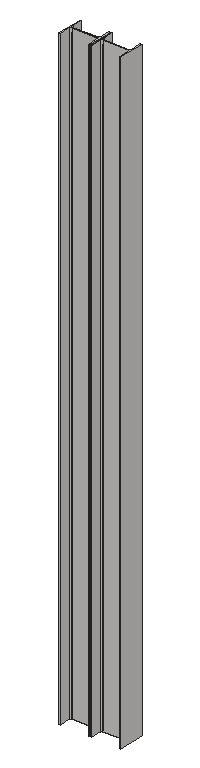
Revit family "Pilar_Aco_Dup_Esq", category Structural Columns, Revit 2025
Family settings
  Section Shape = Not Defined
  Material for Model Behavior = Other
  Always export as geometry = No
  Beam cutback in plan = From bounding box
  OmniClass Number = 23.25.30.11.14.11
  OmniClass Title = Columns
  Cut with Voids When Loaded = No
  Symbolic Representation = From Family
  Shared = No
  Show family pre-cut in plan views = Yes
Parameters
  Structural Material [instance] = Aço, 45-345
  Depth = 500 mm
  Width = 500 mm
Reference planes
  plane 1 "Center (Front/Back)": y = 0
  plane 2: z = 0
  plane 3 "Center (Left/Right)": x = 0
Dimensions and locks
  aligned and locked: level to plane 2
  aligned and locked: level to nested 1  (x3)
  aligned and locked: nested 1 to level
  aligned and locked: level to nested 2  (x3)
  aligned and locked: nested 2 to level
  aligned and locked: plane 3 "Center (Left/Right)" to nested 2
  aligned and locked: nested 1 to nested 2
Nested families
  nested 1: "Pilares W Gerdau" at (-301.5, 0, 0) x (0, 1, 0) z (0, 0, 1), Structural Material <- "Structural Material", type "W610X217"
    with pm 217, Structural Material Aço, 45-345, pt 868000 mm, compr 4000 mm, Comprimento 4000 mm
  nested 2: "Pilares W Gerdau" at (-100.5, 0, 0) x (0, 1, 0) z (0, 0, 1), Structural Material <- "Structural Material", type "W610X217"
    with pm 217, Structural Material Aço, 45-345, pt 868000 mm, compr 4000 mm, Comprimento 4000 mm
Definition of nested family "Pilares W Gerdau"
  Parameters (values of type "W200X35.9")
    tipo = "200x35.9"
    tip_secao = "W"
    tag = ""
    pt [instance] = compr * pm  # 89750 mm
    pm [instance] = Peso Nominal  # 35.9
    nome = "W200x35.9"
    material = "AÇO ASTM A572 - GR50"
    compr [instance] = Comprimento  # 2500 mm
    Peso Nominal = 35.9
    Width = 165 mm
    Web Thickness = 6.22 mm
    Web Fillet = 10 mm
    Warping Constant = 0.0000868 (stored number, unit not read)
    Torsional Moment of Inertia = 14.40 cm⁴
    Structural Material [instance] = none
    Comprimento [instance] = 2500 mm
    Section Name Key = "W8x24"
    Section Area = 45.7 cm²
    Plastic Modulus weak axis = 140.0 cm³
    Plastic Modulus strong axis = 379.0 cm³
    Perimeter = 3.3793 (stored number, unit not read)
    Nominal Weight = 35.8999 kgf/m
    Moment of Inertia weak axis = 762.00 cm⁴
    Moment of Inertia strong axis = 3440.00 cm⁴
    Height = 201 mm
    Flange Thickness = 10.2 mm
    Elastic Modulus weak axis = 92.3 cm³
    Elastic Modulus strong axis = 342.0 cm³
    Centroid Vertical = Height / 2  # 10.05 cm
    Centroid Horizontal = Width / 2  # 8.25 cm
    Assembly Code = ""
  Types (102, lengths in mm): name | tipo | pt | pm | nome | Peso Nominal | Width | Web Thickness | Web Fillet | Warping Constant | Torsional Moment of Inertia | Section Name Key | Section Area | Plastic Modulus weak axis | Plastic Modulus strong axis | Perimeter | Nominal Weight | Moment of Inertia weak axis | Moment of Inertia strong axis | Height | Flange Thickness | Elastic Modulus weak axis | Elastic Modulus strong axis | Centroid Vertical | Centroid Horizontal
    W200X35.9 | "200x35.9" | 89750 | 35.9 | "W200x35.9" | 35.9 | 165 | 6.22 | 10 | 0.0000868 (stored number, unit not read) | 14.40 cm⁴ | "W8x24" | 45.7 cm² | 140.0 cm³ | 379.0 cm³ | 3.3793 (stored number, unit not read) | 35.8999 kgf/m | 762.00 cm⁴ | 3440.00 cm⁴ | 201 | 10.2 | 92.3 cm³ | 342.0 cm³ | 10.05 cm | 8.25 cm
    W610X82 | "610x82" | 205000 | 82 | "W610x82" | 82 | 178 | 10 | 12.9 | 0.001297 (stored number, unit not read) | 49.10 cm⁴ | "W24x55" | 105.0 cm² | 218.0 cm³ | 2200.0 cm³ | 6.1352 (stored number, unit not read) | 81.9997 kgf/m | 1210.00 cm⁴ | 56200.00 cm⁴ | 599 | 12.8 | 136.0 cm³ | 1870.0 cm³ | 29.95 cm | 8.9 cm
    W610X92 | "610x92" | 230000 | 92 | "W610x92" | 92 | 179 | 10.9 | 12.7 | 0.0015464 (stored number, unit not read) | 71.20 cm⁴ | "W24x62" | 117.0 cm² | 257.0 cm³ | 2510.0 cm³ | 6.1352 (stored number, unit not read) | 91.9997 kgf/m | 1440.00 cm⁴ | 64500.00 cm⁴ | 602 | 15 | 161.0 cm³ | 2150.0 cm³ | 30.1 cm | 8.95 cm
    W610X101 | "610x101" | 252500 | 101 | "W610x101" | 101 | 228 | 10.5 | 12.8 | 0.0031552 (stored number, unit not read) | 77.80 cm⁴ | "W24x68" | 130.0 cm² | 401.0 cm³ | 2900.0 cm³ | 6.7913 (stored number, unit not read) | 101.00 kgf/m | 2930.00 cm⁴ | 76200.00 cm⁴ | 602 | 14.9 | 257.0 cm³ | 2520.0 cm³ | 30.1 cm | 11.4 cm
    W610X113 | "610x113" | 282500 | 113 | "W610x113" | 113 | 228 | 11.2 | 12.7 | 0.0037164 (stored number, unit not read) | 112.00 cm⁴ | "W24x76" | 145.0 cm² | 469.0 cm³ | 3280.0 cm³ | 6.8241 (stored number, unit not read) | 113.00 kgf/m | 3430.00 cm⁴ | 87400.00 cm⁴ | 607 | 17.3 | 302.0 cm³ | 2880.0 cm³ | 30.35 cm | 11.4 cm
    W610X125 | "610x125" | 312500 | 125 | "W610x125" | 125 | 229 | 11.9 | 12.7 | 0.0042901 (stored number, unit not read) | 154.00 cm⁴ | "W24x84" | 159.0 cm² | 534.0 cm³ | 3670.0 cm³ | 6.8898 (stored number, unit not read) | 125.00 kgf/m | 3930.00 cm⁴ | 98600.00 cm⁴ | 612 | 19.6 | 342.0 cm³ | 3210.0 cm³ | 30.6 cm | 11.45 cm
    W610X140 | "610x140" | 350000 | 140 | "W610x140" | 140 | 230 | 13.1 | 12.9 | 0.0050259 (stored number, unit not read) | 219.00 cm⁴ | "W24x94" | 179.0 cm² | 615.0 cm³ | 4160.0 cm³ | 6.9226 (stored number, unit not read) | 139.999 kgf/m | 4540.00 cm⁴ | 112000.00 cm⁴ | 617 | 22.2 | 393.0 cm³ | 3640.0 cm³ | 30.85 cm | 11.5 cm
    W610X153 | "610x153" | 382500 | 153 | "W610x153" | 153 | 229 | 14 | 12.7 | 0.0055622 (stored number, unit not read) | 294.00 cm⁴ | "W24x103" | 195.0 cm² | 680.0 cm³ | 4590.0 cm³ | 6.9226 (stored number, unit not read) | 152.999 kgf/m | 4950.00 cm⁴ | 125000.00 cm⁴ | 622 | 24.9 | 434.0 cm³ | 4010.0 cm³ | 31.1 cm | 11.45 cm
    W610X155 | "610x155" | 387500 | 155 | "W610x155" | 155 | 325 | 12.7 | 12.7 | 0.011785 (stored number, unit not read) | 196.00 cm⁴ | "W24x104" | 198.0 cm² | 1020.0 cm³ | 4740.0 cm³ | 8.1365 (stored number, unit not read) | 154.999 kgf/m | 10800.00 cm⁴ | 129000.00 cm⁴ | 612 | 19.1 | 667.0 cm³ | 4230.0 cm³ | 30.6 cm | 16.25 cm
    W610X174 | "610x174" | 435000 | 174 | "W610x174" | 174 | 325 | 14 | 12.7 | 0.013718 (stored number, unit not read) | 280.00 cm⁴ | "W24x117" | 222.0 cm² | 1170.0 cm³ | 5360.0 cm³ | 8.1365 (stored number, unit not read) | 173.999 kgf/m | 12400.00 cm⁴ | 147000.00 cm⁴ | 617 | 21.6 | 762.0 cm³ | 4770.0 cm³ | 30.85 cm | 16.25 cm
    W610X195 | "610x195" | 487500 | 195 | "W610x195" | 195 | 328 | 15.4 | 12.7 | 0.015714 (stored number, unit not read) | 395.00 cm⁴ | "W24x131" | 249.0 cm² | 1340.0 cm³ | 6060.0 cm³ | 8.2021 (stored number, unit not read) | 194.999 kgf/m | 14200.00 cm⁴ | 167000.00 cm⁴ | 622 | 24.4 | 869.0 cm³ | 5390.0 cm³ | 31.1 cm | 16.4 cm
    W610X217 | "610x217" | 542500 | 217 | "W610x217" | 217 | 328 | 16.5 | 12.7 | 0.018333 (stored number, unit not read) | 558.00 cm⁴ | "W24x146" | 277.0 cm² | 1530.0 cm³ | 6850.0 cm³ | 8.2349 (stored number, unit not read) | 216.999 kgf/m | 16300.00 cm⁴ | 191000.00 cm⁴ | 627 | 27.7 | 991.0 cm³ | 6080.0 cm³ | 31.35 cm | 16.4 cm
    W530X66 | "530x66" | 165000 | 66 | "W530x66" | 66 | 165 | 8.89 | 12.7 | 0.00070712 (stored number, unit not read) | 32.00 cm⁴ | "W21x44" | 83.9 cm² | 167.0 cm³ | 1560.0 cm³ | 5.479 (stored number, unit not read) | 65.9998 kgf/m | 862.00 cm⁴ | 35100.00 cm⁴ | 526 | 11.4 | 104.0 cm³ | 1340.0 cm³ | 26.3 cm | 8.25 cm
    W530X72 | "530x72" | 180000 | 72 | "W530x72" | 72 | 207 | 8.89 | 12.7 | 0.001322 (stored number, unit not read) | 33.40 cm⁴ | "W21x48" | 91.0 cm² | 244.0 cm³ | 1750.0 cm³ | 6.0039 (stored number, unit not read) | 71.9997 kgf/m | 1610.00 cm⁴ | 39900.00 cm⁴ | 523 | 10.9 | 156.0 cm³ | 1520.0 cm³ | 26.15 cm | 10.35 cm
    W530X74 | "530x74" | 185000 | 74 | "W530x74" | 74 | 166 | 9.65 | 12.8 | 0.00086052 (stored number, unit not read) | 47.50 cm⁴ | "W21x50" | 94.8 cm² | 200.0 cm³ | 1800.0 cm³ | 5.5118 (stored number, unit not read) | 73.9997 kgf/m | 1040.00 cm⁴ | 41000.00 cm⁴ | 528 | 13.6 | 125.0 cm³ | 1550.0 cm³ | 26.4 cm | 8.3 cm
    W530X82 | "530x82" | 205000 | 82 | "W530x82" | 82 | 209 | 9.53 | 12.6 | 0.0016711 (stored number, unit not read) | 51.60 cm⁴ | "W21x55" | 105.0 cm² | 302.0 cm³ | 2060.0 cm³ | 6.0696 (stored number, unit not read) | 81.9997 kgf/m | 2010.00 cm⁴ | 47500.00 cm⁴ | 528 | 13.3 | 193.0 cm³ | 1800.0 cm³ | 26.4 cm | 10.45 cm
    W530X85 | "530x85" | 212500 | 85 | "W530x85" | 85 | 167 | 10.3 | 12.7 | 0.0010688 (stored number, unit not read) | 73.70 cm⁴ | "W21x57" | 108.0 cm² | 243.0 cm³ | 2110.0 cm³ | 5.5774 (stored number, unit not read) | 84.9997 kgf/m | 1270.00 cm⁴ | 48700.00 cm⁴ | 536 | 16.5 | 153.0 cm³ | 1820.0 cm³ | 26.8 cm | 8.35 cm
    W530X92 | "530x92" | 230000 | 92 | "W530x92" | 92 | 209 | 10.2 | 12.8 | 0.0019954 (stored number, unit not read) | 76.20 cm⁴ | "W21x62" | 118.0 cm² | 356.0 cm³ | 2360.0 cm³ | 6.1024 (stored number, unit not read) | 91.9997 kgf/m | 2390.00 cm⁴ | 55400.00 cm⁴ | 533 | 15.6 | 229.0 cm³ | 2080.0 cm³ | 26.65 cm | 10.45 cm
    W530X101 | "530x101" | 252500 | 101 | "W530x101" | 101 | 210 | 10.9 | 12.8 | 0.0022698 (stored number, unit not read) | 102.00 cm⁴ | "W21x68" | 129.0 cm² | 400.0 cm³ | 2620.0 cm³ | 6.1352 (stored number, unit not read) | 101.00 kgf/m | 2690.00 cm⁴ | 61600.00 cm⁴ | 536 | 17.4 | 257.0 cm³ | 2290.0 cm³ | 26.8 cm | 10.5 cm
    W530X109 | "530x109" | 272500 | 109 | "W530x109" | 109 | 211 | 11.6 | 12.7 | 0.0024818 (stored number, unit not read) | 126.00 cm⁴ | "W21x73" | 139.0 cm² | 436.0 cm³ | 2820.0 cm³ | 6.1352 (stored number, unit not read) | 109.00 kgf/m | 2940.00 cm⁴ | 66600.00 cm⁴ | 538 | 18.8 | 279.0 cm³ | 2470.0 cm³ | 26.9 cm | 10.55 cm
    W530X123 | "530x123" | 307500 | 123 | "W530x123" | 123 | 212 | 13.1 | 12.8 | 0.0028933 (stored number, unit not read) | 181.00 cm⁴ | "W21x83" | 157.0 cm² | 500.0 cm³ | 3210.0 cm³ | 6.2008 (stored number, unit not read) | 123.00 kgf/m | 3390.00 cm⁴ | 76200.00 cm⁴ | 544 | 21.2 | 320.0 cm³ | 2800.0 cm³ | 27.2 cm | 10.6 cm
    W530X138 | "530x138" | 345000 | 138 | "W530x138" | 138 | 214 | 14.7 | 12.7 | 0.0033298 (stored number, unit not read) | 251.00 cm⁴ | "W21x93" | 176.0 cm² | 569.0 cm³ | 3620.0 cm³ | 6.2336 (stored number, unit not read) | 137.999 kgf/m | 3870.00 cm⁴ | 86200.00 cm⁴ | 549 | 23.6 | 362.0 cm³ | 3150.0 cm³ | 27.45 cm | 10.7 cm
    W460X52 | "460x52" | 130000 | 52 | "W460x52" | 52 | 152 | 7.62 | 10.2 | 0.00038162 (stored number, unit not read) | 21.10 cm⁴ | "W18x35" | 66.5 cm² | 132.0 cm³ | 1090.0 cm³ | 4.8556 (stored number, unit not read) | 51.9998 kgf/m | 637.00 cm⁴ | 21200.00 cm⁴ | 450 | 10.8 | 83.9 cm³ | 944.0 cm³ | 22.5 cm | 7.6 cm
    W460X60 | "460x60" | 150000 | 60 | "W460x60" | 60 | 153 | 8 | 10.2 | 0.00048264 (stored number, unit not read) | 33.70 cm⁴ | "W18x40" | 76.1 cm² | 164.0 cm³ | 1280.0 cm³ | 4.8885 (stored number, unit not read) | 59.9998 kgf/m | 795.00 cm⁴ | 25500.00 cm⁴ | 455 | 13.3 | 104.0 cm³ | 1120.0 cm³ | 22.75 cm | 7.65 cm
    W460X68 | "460x68" | 170000 | 68 | "W460x68" | 68 | 154 | 9.14 | 10.3 | 0.00057617 (stored number, unit not read) | 50.80 cm⁴ | "W18x46" | 87.1 cm² | 192.0 cm³ | 1490.0 cm³ | 4.9213 (stored number, unit not read) | 67.9997 kgf/m | 937.00 cm⁴ | 29600.00 cm⁴ | 460 | 15.4 | 122.0 cm³ | 1290.0 cm³ | 23.0 cm | 7.7 cm
    W460X74 | "460x74" | 185000 | 74 | "W460x74" | 74 | 191 | 9.02 | 10.2 | 0.0010177 (stored number, unit not read) | 51.60 cm⁴ | "W18x50" | 94.8 cm² | 272.0 cm³ | 1660.0 cm³ | 5.3806 (stored number, unit not read) | 73.9997 kgf/m | 1670.00 cm⁴ | 33300.00 cm⁴ | 457 | 14.5 | 175.0 cm³ | 1460.0 cm³ | 22.85 cm | 9.55 cm
    W460X82 | "460x82" | 205000 | 82 | "W460x82" | 82 | 191 | 9.91 | 10.2 | 0.0011486 (stored number, unit not read) | 69.10 cm⁴ | "W18x55" | 105.0 cm² | 303.0 cm³ | 1840.0 cm³ | 5.4134 (stored number, unit not read) | 81.9997 kgf/m | 1870.00 cm⁴ | 37000.00 cm⁴ | 460 | 16 | 195.0 cm³ | 1610.0 cm³ | 23.0 cm | 9.55 cm
    W460X89 | "460x89" | 222500 | 89 | "W460x89" | 89 | 192 | 10.5 | 10.2 | 0.0012845 (stored number, unit not read) | 90.30 cm⁴ | "W18x60" | 114.0 cm² | 338.0 cm³ | 2020.0 cm³ | 5.4134 (stored number, unit not read) | 88.9997 kgf/m | 2090.00 cm⁴ | 41000.00 cm⁴ | 462 | 17.7 | 218.0 cm³ | 1770.0 cm³ | 23.1 cm | 9.6 cm
    W460X97 | "460x97" | 242500 | 97 | "W460x97" | 97 | 193 | 11.4 | 10.1 | 0.0014217 (stored number, unit not read) | 114.00 cm⁴ | "W18x65" | 123.0 cm² | 369.0 cm³ | 2180.0 cm³ | 5.479 (stored number, unit not read) | 96.9996 kgf/m | 2280.00 cm⁴ | 44500.00 cm⁴ | 467 | 19.1 | 236.0 cm³ | 1920.0 cm³ | 23.35 cm | 9.65 cm
    W460X106 | "460x106" | 265000 | 106 | "W460x106" | 106 | 194 | 12.6 | 10.1 | 0.0015714 (stored number, unit not read) | 145.00 cm⁴ | "W18x71" | 135.0 cm² | 405.0 cm³ | 2390.0 cm³ | 5.479 (stored number, unit not read) | 106.00 kgf/m | 2510.00 cm⁴ | 48700.00 cm⁴ | 470 | 20.6 | 259.0 cm³ | 2080.0 cm³ | 23.5 cm | 9.7 cm
    W410X38.8 | "410x38.8" | 97000 | 38.8 | "W410x38.8" | 38.8 | 140 | 6.35 | 10.24 | 0.00018956 (stored number, unit not read) | 10.90 cm⁴ | "W16x26" | 49.5 cm² | 89.8 cm³ | 724.0 cm³ | 4.3635 (stored number, unit not read) | 38.7999 kgf/m | 399.00 cm⁴ | 12500.00 cm⁴ | 399 | 8.76 | 57.2 cm³ | 629.0 cm³ | 19.95 cm | 7.0 cm
    W410X46.1 | "410x46.1" | 115250 | 46.1 | "W410x46.1" | 46.1 | 140 | 6.99 | 10.2 | 0.00024693 (stored number, unit not read) | 19.20 cm⁴ | "W16x31" | 58.9 cm² | 115.0 cm³ | 885.0 cm³ | 4.3963 (stored number, unit not read) | 46.0998 kgf/m | 516.00 cm⁴ | 15600.00 cm⁴ | 404 | 11.2 | 73.6 cm³ | 773.0 cm³ | 20.2 cm | 7.0 cm
    W410X53 | "410x53" | 132500 | 53 | "W410x53" | 53 | 178 | 7.49 | 10.2 | 0.00048887 (stored number, unit not read) | 22.70 cm⁴ | "W16x36" | 68.4 cm² | 177.0 cm³ | 1050.0 cm³ | 4.8885 (stored number, unit not read) | 52.9998 kgf/m | 1020.00 cm⁴ | 18600.00 cm⁴ | 404 | 10.9 | 115.0 cm³ | 926.0 cm³ | 20.2 cm | 8.9 cm
    W410X60 | "410x60" | 150000 | 60 | "W410x60" | 60 | 178 | 7.75 | 10.2 | 0.00057991 (stored number, unit not read) | 33.00 cm⁴ | "W16x40" | 76.1 cm² | 208.0 cm³ | 1200.0 cm³ | 4.8885 (stored number, unit not read) | 59.9998 kgf/m | 1200.00 cm⁴ | 21600.00 cm⁴ | 406 | 12.8 | 135.0 cm³ | 1060.0 cm³ | 20.3 cm | 8.9 cm
    W410X67 | "410x67" | 167500 | 67 | "W410x67" | 67 | 179 | 8.76 | 10.2 | 0.00066597 (stored number, unit not read) | 46.20 cm⁴ | "W16x45" | 85.8 cm² | 238.0 cm³ | 1350.0 cm³ | 4.9213 (stored number, unit not read) | 66.9998 kgf/m | 1370.00 cm⁴ | 24400.00 cm⁴ | 409 | 14.4 | 153.0 cm³ | 1190.0 cm³ | 20.45 cm | 8.95 cm
    W410X75 | "410x75" | 187500 | 75 | "W410x75" | 75 | 180 | 9.65 | 10.2 | 0.00076075 (stored number, unit not read) | 63.30 cm⁴ | "W16x50" | 94.8 cm² | 267.0 cm³ | 1510.0 cm³ | 4.9541 (stored number, unit not read) | 74.9997 kgf/m | 1550.00 cm⁴ | 27400.00 cm⁴ | 414 | 16 | 172.0 cm³ | 1330.0 cm³ | 20.7 cm | 9.0 cm
    W410X85 | "410x85" | 212500 | 85 | "W410x85" | 85 | 181 | 10.9 | 10.2 | 0.00089045 (stored number, unit not read) | 92.40 cm⁴ | "W16x57" | 108.0 cm² | 310.0 cm³ | 1720.0 cm³ | 4.9869 (stored number, unit not read) | 84.9997 kgf/m | 1790.00 cm⁴ | 31600.00 cm⁴ | 417 | 18.2 | 198.0 cm³ | 1510.0 cm³ | 20.85 cm | 9.05 cm
    W360X32.9 | "360x32.9" | 82250 | 32.9 | "W360x32.9" | 32.9 | 127 | 5.84 | 10.19 | 0.00010513 (stored number, unit not read) | 8.66 cm⁴ | "W14x22" | 41.9 cm² | 71.9 cm³ | 544.0 cm³ | 3.8714 (stored number, unit not read) | 32.8999 kgf/m | 291.00 cm⁴ | 8280.00 cm⁴ | 348 | 8.51 | 45.9 cm³ | 475.0 cm³ | 17.4 cm | 6.35 cm
    W360X39 | "360x39" | 97500 | 39 | "W360x39" | 39 | 128 | 6.48 | 10.1 | 0.00013594 (stored number, unit not read) | 14.90 cm⁴ | "W14x26" | 49.6 cm² | 90.8 cm³ | 659.0 cm³ | 3.9042 (stored number, unit not read) | 38.9999 kgf/m | 371.00 cm⁴ | 10200.00 cm⁴ | 353 | 10.7 | 58.2 cm³ | 578.0 cm³ | 17.65 cm | 6.4 cm
    W360X44 | "360x44" | 110000 | 44 | "W360x44" | 44 | 171 | 6.86 | 10.12 | 0.00026439 (stored number, unit not read) | 24.30 cm⁴ | "W14x30" | 57.1 cm² | 147.0 cm³ | 775.0 cm³ | 4.4291 (stored number, unit not read) | 43.9998 kgf/m | 1520.00 cm⁴ | 7120.00 cm⁴ | 351 | 11 | 151.0 cm³ | 574.0 cm³ | 17.55 cm | 8.55 cm
    W360X51 | "360x51" | 127500 | 51 | "W360x51" | 51 | 171 | 7.24 | 10.1 | 0.00035793 (stored number, unit not read) | 23.70 cm⁴ | "W14x34" | 64.5 cm² | 174.0 cm³ | 895.0 cm³ | 4.4619 (stored number, unit not read) | 50.9998 kgf/m | 970.00 cm⁴ | 14200.00 cm⁴ | 356 | 11.6 | 113.0 cm³ | 796.0 cm³ | 17.8 cm | 8.55 cm
    W360X57.8 | "360x57.8" | 144500 | 57.8 | "W360x57.8" | 57.8 | 172 | 7.87 | 10.1 | 0.00041155 (stored number, unit not read) | 33.20 cm⁴ | "W14x38" | 72.3 cm² | 198.0 cm³ | 1010.0 cm³ | 4.4948 (stored number, unit not read) | 57.7998 kgf/m | 1110.00 cm⁴ | 16000.00 cm⁴ | 358 | 13.1 | 129.0 cm³ | 895.0 cm³ | 17.9 cm | 8.6 cm
    W360X64 | "360x64" | 160000 | 64 | "W360x64" | 64 | 203 | 7.75 | 14.9 | 0.00065349 (stored number, unit not read) | 43.70 cm⁴ | "W14x43" | 81.3 cm² | 283.0 cm³ | 1140.0 cm³ | 4.8228 (stored number, unit not read) | 63.9998 kgf/m | 1880.00 cm⁴ | 17800.00 cm⁴ | 348 | 13.5 | 185.0 cm³ | 1030.0 cm³ | 17.4 cm | 10.15 cm
    W360X72 | "360x72" | 180000 | 72 | "W360x72" | 72 | 204 | 8.64 | 15.1 | 0.00075077 (stored number, unit not read) | 60.40 cm⁴ | "W14x48" | 91.0 cm² | 321.0 cm³ | 1280.0 cm³ | 4.8228 (stored number, unit not read) | 71.9997 kgf/m | 2140.00 cm⁴ | 20100.00 cm⁴ | 351 | 15.1 | 210.0 cm³ | 1150.0 cm³ | 17.55 cm | 10.2 cm
    W360X79 | "360x79" | 197500 | 79 | "W360x79" | 79 | 205 | 9.4 | 15 | 0.00085054 (stored number, unit not read) | 80.70 cm⁴ | "W14x53" | 101.0 cm² | 361.0 cm³ | 1430.0 cm³ | 4.8556 (stored number, unit not read) | 78.9997 kgf/m | 2400.00 cm⁴ | 22500.00 cm⁴ | 353 | 16.8 | 234.0 cm³ | 1270.0 cm³ | 17.65 cm | 10.25 cm
    W360X91 | "360x91" | 227500 | 91 | "W360x91" | 91 | 254 | 9.53 | 15.1 | 0.0015714 (stored number, unit not read) | 91.20 cm⁴ | "W14x61" | 115.0 cm² | 537.0 cm³ | 1670.0 cm³ | 5.5118 (stored number, unit not read) | 90.9997 kgf/m | 4450.00 cm⁴ | 26600.00 cm⁴ | 353 | 16.4 | 352.0 cm³ | 1510.0 cm³ | 17.65 cm | 12.7 cm
    W360X101 | "360x101" | 252500 | 101 | "W360x101" | 101 | 254 | 10.5 | 15 | 0.0017959 (stored number, unit not read) | 125.00 cm⁴ | "W14x68" | 129.0 cm² | 605.0 cm³ | 1880.0 cm³ | 5.5118 (stored number, unit not read) | 101.00 kgf/m | 5040.00 cm⁴ | 30100.00 cm⁴ | 356 | 18.3 | 397.0 cm³ | 1690.0 cm³ | 17.8 cm | 12.7 cm
    W360X110 | "360x110" | 275000 | 110 | "W360x110" | 110 | 257 | 11.4 | 15.2 | 0.0020079 (stored number, unit not read) | 161.00 cm⁴ | "W14x74" | 141.0 cm² | 664.0 cm³ | 2060.0 cm³ | 5.5774 (stored number, unit not read) | 110.00 kgf/m | 5580.00 cm⁴ | 33100.00 cm⁴ | 361 | 19.9 | 436.0 cm³ | 1840.0 cm³ | 18.05 cm | 12.85 cm
    W360X122 | "360x122" | 305000 | 122 | "W360x122" | 122 | 257 | 13 | 15.1 | 0.0022448 (stored number, unit not read) | 211.00 cm⁴ | "W14x82" | 155.0 cm² | 734.0 cm³ | 2280.0 cm³ | 5.5774 (stored number, unit not read) | 122.00 kgf/m | 6160.00 cm⁴ | 36700.00 cm⁴ | 363 | 21.7 | 480.0 cm³ | 2020.0 cm³ | 18.15 cm | 12.85 cm
    W310X21 | "310x21" | 52500 | 21 | "W310x21" | 21 | 101 | 5.08 | 7.58 | 0.000026938 (stored number, unit not read) | 2.93 cm⁴ | "W12x14" | 26.8 cm² | 31.1 cm³ | 285.0 cm³ | 3.2349 (stored number, unit not read) | 20.9999 kgf/m | 98.20 cm⁴ | 3690.00 cm⁴ | 302 | 5.72 | 19.5 cm³ | 244.0 cm³ | 15.1 cm | 5.05 cm
    W310X23.8 | "310x23.8" | 59500 | 23.8 | "W310x23.8" | 23.8 | 101 | 5.59 | 7.67 | 0.000032425 (stored number, unit not read) | 4.29 cm⁴ | "W12x16" | 30.4 cm² | 37.0 cm³ | 329.0 cm³ | 3.2513 (stored number, unit not read) | 23.7999 kgf/m | 117.00 cm⁴ | 4290.00 cm⁴ | 305 | 6.73 | 23.1 cm³ | 280.0 cm³ | 15.25 cm | 5.05 cm
    W310X28.3 | "310x28.3" | 70750 | 28.3 | "W310x28.3" | 28.3 | 102 | 5.97 | 7.61 | 0.000043899 (stored number, unit not read) | 7.49 cm⁴ | "W12x19" | 35.9 cm² | 48.8 cm³ | 405.0 cm³ | 3.2808 (stored number, unit not read) | 28.2999 kgf/m | 157.00 cm⁴ | 5410.00 cm⁴ | 310 | 8.89 | 30.8 cm³ | 349.0 cm³ | 15.5 cm | 5.1 cm
    W310X32.7 | "W310x32.7" | 81750 | 32.7 | "W310x32.7" | 32.7 | 102 | 6.6 | 7.6 | 0.000054874 (stored number, unit not read) | 12.20 cm⁴ | "W12x22" | 41.8 cm² | 60.0 cm³ | 480.0 cm³ | 3.3136 (stored number, unit not read) | 32.6999 kgf/m | 194.00 cm⁴ | 6490.00 cm⁴ | 312 | 10.8 | 37.9 cm³ | 416.0 cm³ | 15.6 cm | 5.1 cm
    W310X38.7 | "310x38.7" | 96750 | 38.7 | "W310x38.7" | 38.7 | 165 | 5.84 | 7.65 | 0.00020328 (stored number, unit not read) | 12.50 cm⁴ | "W12x26" | 49.4 cm² | 134.0 cm³ | 610.0 cm³ | 4.101 (stored number, unit not read) | 38.6999 kgf/m | 720.00 cm⁴ | 8490.00 cm⁴ | 310 | 9.65 | 87.5 cm³ | 547.0 cm³ | 15.5 cm | 8.25 cm
    W310X44.5 | "310x44.5" | 111250 | 44.5 | "W310x44.5" | 44.5 | 166 | 6.6 | 7.6 | 0.0002407 (stored number, unit not read) | 19.00 cm⁴ | "W12x30" | 56.7 cm² | 157.0 cm³ | 706.0 cm³ | 4.1339 (stored number, unit not read) | 44.4998 kgf/m | 845.00 cm⁴ | 9910.00 cm⁴ | 312 | 11.2 | 102.0 cm³ | 633.0 cm³ | 15.6 cm | 8.3 cm
    W310X52 | "310x52" | 130000 | 52 | "W310x52" | 52 | 167 | 7.62 | 7.6 | 0.00029432 (stored number, unit not read) | 30.80 cm⁴ | "W12x35" | 66.5 cm² | 188.0 cm³ | 839.0 cm³ | 4.1667 (stored number, unit not read) | 51.9998 kgf/m | 1020.00 cm⁴ | 11900.00 cm⁴ | 318 | 13.2 | 122.0 cm³ | 747.0 cm³ | 15.9 cm | 8.35 cm
    W310X60* | "310x60*" | 150000 | 60 | "W310x60*" | 60 | 203 | 7.5 | 6.35 | 0.000000479 (stored number, unit not read) | 40.46 cm⁴ | "W12x40" | 0.761 cm² | 275.4 cm³ | 944.3 cm³ | 4.5276 (stored number, unit not read) | 59.9998 kgf/m | 1829.00 cm⁴ | 12908.00 cm⁴ | 303 | 13.1 | 180.2 cm³ | 852.0 cm³ | 15.15 cm | 10.15 cm
    W310X67* | "310x67*" | 167500 | 67 | "W310x67*" | 67 | 204 | 8.5 | 6.35 | 0.000000547 (stored number, unit not read) | 55.35 cm⁴ | "W12x45" | 0.853 cm² | 310.5 cm³ | 1060.4 cm³ | 4.5276 (stored number, unit not read) | 66.9998 kgf/m | 2069.00 cm⁴ | 14559.00 cm⁴ | 306 | 14.6 | 202.8 cm³ | 951.5 cm³ | 15.3 cm | 10.2 cm
    W310X74* | "310x74" | 185000 | 74 | "W310x74*" | 74 | 205 | 9.4 | 6.35 | 0.000000629 (stored number, unit not read) | 75.51 cm⁴ | "W12x50" | 0.951 cm² | 350.5 cm³ | 1192.0 cm³ | 4.5604 (stored number, unit not read) | 73.9997 kgf/m | 2344.00 cm⁴ | 16501.00 cm⁴ | 310 | 16.3 | 228.7 cm³ | 1064.6 cm³ | 15.5 cm | 10.25 cm
    W310X79 | "310x79" | 197500 | 79 | "W310x79" | 79 | 254 | 8.76 | 15.4 | 0.0010588 (stored number, unit not read) | 65.80 cm⁴ | "W12x53" | 101.0 cm² | 477.0 cm³ | 1280.0 cm³ | 5.2165 (stored number, unit not read) | 78.9997 kgf/m | 3990.00 cm⁴ | 17700.00 cm⁴ | 307 | 14.6 | 315.0 cm³ | 1160.0 cm³ | 15.35 cm | 12.7 cm
    W310X97 | "310x97" | 242500 | 97 | "W310x97" | 97 | 305 | 9.91 | 15.1 | 0.001933 (stored number, unit not read) | 90.70 cm⁴ | "W12x65" | 123.0 cm² | 723.0 cm³ | 1590.0 cm³ | 5.8727 (stored number, unit not read) | 96.9996 kgf/m | 7240.00 cm⁴ | 22200.00 cm⁴ | 307 | 15.4 | 477.0 cm³ | 1440.0 cm³ | 15.35 cm | 15.25 cm
    W310X107 | "310x107" | 267500 | 107 | "W310x107" | 107 | 305 | 10.9 | 15.3 | 0.0021949 (stored number, unit not read) | 122.00 cm⁴ | "W12x72" | 136.0 cm² | 806.0 cm³ | 1770.0 cm³ | 5.9055 (stored number, unit not read) | 107.00 kgf/m | 8120.00 cm⁴ | 24800.00 cm⁴ | 312 | 17 | 531.0 cm³ | 1600.0 cm³ | 15.6 cm | 15.25 cm
    W310X117 | "310x117" | 292500 | 117 | "W310x117" | 117 | 307 | 11.9 | 15.1 | 0.0024568 (stored number, unit not read) | 160.00 cm⁴ | "W12x79" | 150.0 cm² | 890.0 cm³ | 1950.0 cm³ | 5.9383 (stored number, unit not read) | 117.00 kgf/m | 8990.00 cm⁴ | 27600.00 cm⁴ | 315 | 18.7 | 587.0 cm³ | 1750.0 cm³ | 15.75 cm | 15.35 cm
    W310X129 | "310x129" | 322500 | 129 | "W310x129" | 129 | 307 | 13.1 | 15.2 | 0.0027686 (stored number, unit not read) | 212.00 cm⁴ | "W12x87" | 165.0 cm² | 990.0 cm³ | 2160.0 cm³ | 5.9383 (stored number, unit not read) | 129.00 kgf/m | 10000.00 cm⁴ | 30800.00 cm⁴ | 318 | 20.6 | 651.0 cm³ | 1930.0 cm³ | 15.9 cm | 15.35 cm
    W310X143 | "310x143" | 357500 | 143 | "W310x143" | 143 | 310 | 14 | 15.2 | 0.0031552 (stored number, unit not read) | 285.00 cm⁴ | "W12x96" | 182.0 cm² | 1110.0 cm³ | 2410.0 cm³ | 6.0039 (stored number, unit not read) | 142.999 kgf/m | 11200.00 cm⁴ | 34700.00 cm⁴ | 323 | 22.9 | 728.0 cm³ | 2150.0 cm³ | 16.15 cm | 15.5 cm
    W310X158 | "310x158" | 395000 | 158 | "W310x158" | 158 | 310 | 15.5 | 15.3 | 0.0035793 (stored number, unit not read) | 380.00 cm⁴ | "W12x106" | 201.0 cm² | 1230.0 cm³ | 2690.0 cm³ | 6.0367 (stored number, unit not read) | 157.999 kgf/m | 12500.00 cm⁴ | 38800.00 cm⁴ | 328 | 25.1 | 808.0 cm³ | 2380.0 cm³ | 16.4 cm | 15.5 cm
    W310X179 | "310x179" | 447500 | 179 | "W310x179" | 179 | 312 | 18 | 15 | 0.0041529 (stored number, unit not read) | 537.00 cm⁴ | "W12x120" | 227.0 cm² | 1400.0 cm³ | 3050.0 cm³ | 6.0696 (stored number, unit not read) | 178.999 kgf/m | 14400.00 cm⁴ | 44500.00 cm⁴ | 333 | 28.2 | 918.0 cm³ | 2670.0 cm³ | 16.65 cm | 15.6 cm
    W310X202 | "310x202" | 505000 | 202 | "W310x202" | 202 | 315 | 20.1 | 15.2 | 0.0049261 (stored number, unit not read) | 770.00 cm⁴ | "W12x136" | 257.0 cm² | 1610.0 cm³ | 3510.0 cm³ | 6.1352 (stored number, unit not read) | 201.999 kgf/m | 16600.00 cm⁴ | 51600.00 cm⁴ | 340 | 31.8 | 1050.0 cm³ | 3050.0 cm³ | 17.0 cm | 15.75 cm
    W250X17.9 | "250x17.9" | 44750 | 17.9 | "W250x17.9" | 17.9 | 101 | 4.83 | 7.67 | 0.000017086 (stored number, unit not read) | 2.28 cm⁴ | "W10x12" | 22.8 cm² | 28.5 cm³ | 206.0 cm³ | 2.8904 (stored number, unit not read) | 17.8999 kgf/m | 90.70 cm⁴ | 2240.00 cm⁴ | 251 | 5.33 | 18.0 cm³ | 179.0 cm³ | 12.55 cm | 5.05 cm
    W250X22.3 | "250x22.3" | 55750 | 22.3 | "W250x22.3" | 22.3 | 102 | 5.84 | 7.64 | 0.000022822 (stored number, unit not read) | 4.33 cm⁴ | "W10x15" | 28.5 cm² | 37.7 cm³ | 262.0 cm³ | 2.9167 (stored number, unit not read) | 22.2999 kgf/m | 120.00 cm⁴ | 2870.00 cm⁴ | 254 | 6.86 | 23.8 cm³ | 226.0 cm³ | 12.7 cm | 5.1 cm
    W250X25.3 | "250x25.3" | 130750 | 52.3 | "W250x25.3" | 52.3 | 102 | 6.1 | 7.62 | 0.000028559 (stored number, unit not read) | 6.49 cm⁴ | "W10x17" | 32.2 cm² | 45.9 cm³ | 306.0 cm³ | 2.9331 (stored number, unit not read) | 25.2999 kgf/m | 148.00 cm⁴ | 3410.00 cm⁴ | 257 | 8.38 | 29.2 cm³ | 265.0 cm³ | 12.85 cm | 5.1 cm
    W250X28.4 | "250x28.4" | 71000 | 28.4 | "W250x28.4" | 28.4 | 102 | 6.35 | 7.7 | 0.000034795 (stored number, unit not read) | 9.70 cm⁴ | "W10x19" | 36.3 cm² | 54.9 cm³ | 354.0 cm³ | 2.9593 (stored number, unit not read) | 28.3999 kgf/m | 179.00 cm⁴ | 4010.00 cm⁴ | 259 | 10 | 35.1 cm³ | 308.0 cm³ | 12.95 cm | 5.1 cm
    W250X32.7 | "250x32.7" | 81750 | 32.7 | "W250x32.7" | 32.7 | 146 | 6.1 | 7.66 | 0.000092038 (stored number, unit not read) | 9.95 cm⁴ | "W10x22" | 41.9 cm² | 100.0 cm³ | 426.0 cm³ | 3.5433 (stored number, unit not read) | 32.6999 kgf/m | 475.00 cm⁴ | 4910.00 cm⁴ | 259 | 9.14 | 65.1 cm³ | 380.0 cm³ | 12.95 cm | 7.3 cm
    W250X38.5 | "250x38.5" | 96250 | 38.5 | "W250x38.5" | 38.5 | 147 | 6.6 | 7.6 | 0.00011548 (stored number, unit not read) | 16.70 cm⁴ | "W10x26" | 49.1 cm² | 123.0 cm³ | 513.0 cm³ | 3.5433 (stored number, unit not read) | 38.4999 kgf/m | 587.00 cm⁴ | 5990.00 cm⁴ | 262 | 11.2 | 80.1 cm³ | 457.0 cm³ | 13.1 cm | 7.35 cm
    W250X44.8 | "250x44.8" | 112000 | 44.8 | "W250x44.8" | 44.8 | 148 | 7.62 | 7.6 | 0.00013843 (stored number, unit not read) | 25.90 cm⁴ | "W10x30" | 57.0 cm² | 145.0 cm³ | 600.0 cm³ | 3.5761 (stored number, unit not read) | 44.7998 kgf/m | 695.00 cm⁴ | 7080.00 cm⁴ | 267 | 13 | 94.2 cm³ | 531.0 cm³ | 13.35 cm | 7.4 cm
    W250X73 | "250x73" | 182500 | 73 | "W250x73" | 73 | 254 | 8.64 | 12.7 | 0.0006934 (stored number, unit not read) | 57.90 cm⁴ | "W10x49" | 92.9 cm² | 464.0 cm³ | 990.0 cm³ | 4.8885 (stored number, unit not read) | 72.9997 kgf/m | 3890.00 cm⁴ | 11300.00 cm⁴ | 254 | 14.2 | 306.0 cm³ | 895.0 cm³ | 12.7 cm | 12.7 cm
    W250X80 | "250x80" | 200000 | 80 | "W250x80" | 80 | 254 | 9.4 | 12.8 | 0.00077696 (stored number, unit not read) | 75.80 cm⁴ | "W10x54" | 102.0 cm² | 513.0 cm³ | 1090.0 cm³ | 4.8885 (stored number, unit not read) | 79.9997 kgf/m | 4290.00 cm⁴ | 12600.00 cm⁴ | 257 | 15.6 | 338.0 cm³ | 983.0 cm³ | 12.85 cm | 12.7 cm
    W250X89 | "250x89" | 222500 | 89 | "W250x89" | 89 | 257 | 10.7 | 12.7 | 0.00088421 (stored number, unit not read) | 103.00 cm⁴ | "W10x60" | 114.0 cm² | 574.0 cm³ | 1220.0 cm³ | 4.9213 (stored number, unit not read) | 88.9997 kgf/m | 4830.00 cm⁴ | 14200.00 cm⁴ | 259 | 17.3 | 377.0 cm³ | 1090.0 cm³ | 12.95 cm | 12.85 cm
    W250X101 | "250x101" | 252500 | 101 | "W250x101" | 101 | 257 | 11.9 | 12.7 | 0.0010376 (stored number, unit not read) | 148.00 cm⁴ | "W10x68" | 128.0 cm² | 657.0 cm³ | 1400.0 cm³ | 4.9541 (stored number, unit not read) | 101.00 kgf/m | 5580.00 cm⁴ | 16400.00 cm⁴ | 264 | 19.6 | 433.0 cm³ | 1240.0 cm³ | 13.2 cm | 12.85 cm
    W250X115 | "250x115" | 287500 | 115 | "W250x115" | 115 | 259 | 13.5 | 12.7 | 0.0012159 (stored number, unit not read) | 213.00 cm⁴ | "W10x77" | 146.0 cm² | 752.0 cm³ | 1600.0 cm³ | 5.0197 (stored number, unit not read) | 115.00 kgf/m | 6410.00 cm⁴ | 18900.00 cm⁴ | 269 | 22.1 | 493.0 cm³ | 1410.0 cm³ | 13.45 cm | 12.95 cm
    W250X131 | "250x131" | 327500 | 131 | "W250x131" | 131 | 262 | 15.4 | 12.7 | 0.0014467 (stored number, unit not read) | 313.00 cm⁴ | "W10x88" | 168.0 cm² | 870.0 cm³ | 1850.0 cm³ | 5.0525 (stored number, unit not read) | 131.00 kgf/m | 7450.00 cm⁴ | 22200.00 cm⁴ | 274 | 25.1 | 570.0 cm³ | 1610.0 cm³ | 13.7 cm | 13.1 cm
    W250X149 | "250x149" | 372500 | 149 | "W250x149" | 149 | 262 | 17.3 | 12.7 | 0.001721 (stored number, unit not read) | 454.00 cm⁴ | "W10x100" | 189.0 cm² | 1000.0 cm³ | 2130.0 cm³ | 5.0853 (stored number, unit not read) | 148.999 kgf/m | 8620.00 cm⁴ | 25900.00 cm⁴ | 282 | 28.4 | 655.0 cm³ | 1840.0 cm³ | 14.1 cm | 13.1 cm
    W250X167 | "250x167" | 417500 | 167 | "W250x167" | 167 | 264 | 19.2 | 12.7 | 0.0020203 (stored number, unit not read) | 629.00 cm⁴ | "W10x112" | 212.0 cm² | 1130.0 cm³ | 2410.0 cm³ | 5.1509 (stored number, unit not read) | 166.999 kgf/m | 9820.00 cm⁴ | 29800.00 cm⁴ | 290 | 31.8 | 742.0 cm³ | 2060.0 cm³ | 14.5 cm | 13.2 cm
    W200X15 | "200x15" | 37500 | 15 | "W200x15" | 15 | 100 | 4.32 | 7.59 | 0.000010351 (stored number, unit not read) | 1.77 cm⁴ | "W8x10" | 19.1 cm² | 27.2 cm³ | 145.0 cm³ | 2.5591 (stored number, unit not read) | 14.9999 kgf/m | 87.00 cm⁴ | 1280.00 cm⁴ | 200 | 5.21 | 17.4 cm³ | 128.0 cm³ | 10.0 cm | 5.0 cm
    W200X19.3 | "200x19.3" | 48250 | 19.3 | "W200x19.3" | 19.3 | 102 | 5.84 | 7.62 | 0.000013718 (stored number, unit not read) | 3.63 cm⁴ | "W8x13" | 24.8 cm² | 35.2 cm³ | 187.0 cm³ | 2.582 (stored number, unit not read) | 19.2999 kgf/m | 114.00 cm⁴ | 1650.00 cm⁴ | 203 | 6.48 | 22.5 cm³ | 162.0 cm³ | 10.15 cm | 5.1 cm
    W200X22.5 | "200x22.5" | 56250 | 22.5 | "W200x22.5" | 22.5 | 102 | 6.22 | 7.6 | 0.000017335 (stored number, unit not read) | 5.70 cm⁴ | "W8x15" | 28.6 cm² | 43.8 cm³ | 223.0 cm³ | 2.6083 (stored number, unit not read) | 22.4999 kgf/m | 142.00 cm⁴ | 2000.00 cm⁴ | 206 | 8 | 27.9 cm³ | 193.0 cm³ | 10.3 cm | 5.1 cm
    W200X26.6 | "200x26.6" | 66500 | 26.6 | "W200x26.6" | 26.6 | 133 | 5.84 | 7.62 | 0.000040906 (stored number, unit not read) | 7.16 cm⁴ | "W8x18" | 33.9 cm² | 76.4 cm³ | 279.0 cm³ | 3.0249 (stored number, unit not read) | 26.5999 kgf/m | 332.00 cm⁴ | 2580.00 cm⁴ | 207 | 8.38 | 49.8 cm³ | 249.0 cm³ | 10.35 cm | 6.65 cm
    W200X31.3 | "200x31.3" | 78250 | 31.3 | "W200x31.3" | 31.3 | 134 | 6.35 | 7.6 | 0.000050883 (stored number, unit not read) | 11.70 cm⁴ | "W8x21" | 39.7 cm² | 93.2 cm³ | 334.0 cm³ | 3.0512 (stored number, unit not read) | 31.2999 kgf/m | 407.00 cm⁴ | 3130.00 cm⁴ | 210 | 10.2 | 60.8 cm³ | 298.0 cm³ | 10.5 cm | 6.7 cm
    W200X41.7 | "200x41.7" | 104250 | 41.7 | "W200x41.7" | 41.7 | 166 | 7.24 | 10 | 0.00010451 (stored number, unit not read) | 22.40 cm⁴ | "W8x28" | 53.2 cm² | 166.0 cm³ | 446.0 cm³ | 3.4121 (stored number, unit not read) | 41.6998 kgf/m | 903.00 cm⁴ | 4080.00 cm⁴ | 205 | 11.8 | 109.0 cm³ | 398.0 cm³ | 10.25 cm | 8.3 cm
    W200X46.1 | "200x46.1" | 115250 | 46.1 | "W200x46.1" | 46.1 | 203 | 7.24 | 10.1 | 0.00017709 (stored number, unit not read) | 22.30 cm⁴ | "W8x31" | 58.9 cm² | 231.0 cm³ | 498.0 cm³ | 3.9042 (stored number, unit not read) | 46.0998 kgf/m | 1540.00 cm⁴ | 4580.00 cm⁴ | 203 | 11 | 152.0 cm³ | 451.0 cm³ | 10.15 cm | 10.15 cm
    W200X52 | "200x52" | 130000 | 52 | "W200x52" | 52 | 204 | 7.87 | 10 | 0.00020702 (stored number, unit not read) | 32.00 cm⁴ | "W8x35" | 66.5 cm² | 264.0 cm³ | 569.0 cm³ | 3.9042 (stored number, unit not read) | 51.9998 kgf/m | 1770.00 cm⁴ | 5290.00 cm⁴ | 206 | 12.6 | 174.0 cm³ | 511.0 cm³ | 10.3 cm | 10.2 cm
    W200X59 | "200x59" | 147500 | 59 | "W200x59" | 59 | 205 | 9.14 | 10 | 0.00024319 (stored number, unit not read) | 46.60 cm⁴ | "W8x40" | 75.5 cm² | 303.0 cm³ | 652.0 cm³ | 3.937 (stored number, unit not read) | 58.9998 kgf/m | 2040.00 cm⁴ | 6080.00 cm⁴ | 210 | 14.2 | 200.0 cm³ | 582.0 cm³ | 10.5 cm | 10.25 cm
    W200X71 | "200x71" | 177500 | 71 | "W200x71" | 71 | 206 | 10.2 | 10 | 0.00031178 (stored number, unit not read) | 81.60 cm⁴ | "W8x48" | 91.0 cm² | 375.0 cm³ | 803.0 cm³ | 4.0026 (stored number, unit not read) | 70.9997 kgf/m | 2530.00 cm⁴ | 7660.00 cm⁴ | 216 | 17.4 | 246.0 cm³ | 708.0 cm³ | 10.8 cm | 10.3 cm
    W200X86 | "200x86" | 215000 | 86 | "W200x86" | 86 | 209 | 13 | 9.9 | 0.00039534 (stored number, unit not read) | 139.00 cm⁴ | "W8x58" | 110.0 cm² | 457.0 cm³ | 980.0 cm³ | 4.0682 (stored number, unit not read) | 85.9997 kgf/m | 3130.00 cm⁴ | 9490.00 cm⁴ | 222 | 20.6 | 300.0 cm³ | 852.0 cm³ | 11.1 cm | 10.45 cm
    W200X100 | "200x100" | 250000 | 100 | "W200x100" | 100 | 210 | 14.5 | 10.1 | 0.00048264 (stored number, unit not read) | 210.00 cm⁴ | "W8x67" | 127.0 cm² | 536.0 cm³ | 1150.0 cm³ | 4.101 (stored number, unit not read) | 99.9996 kgf/m | 3690.00 cm⁴ | 11300.00 cm⁴ | 229 | 23.7 | 351.0 cm³ | 990.0 cm³ | 11.45 cm | 10.5 cm
    W150X13 | "150x13" | 32500 | 13 | "W150x13" | 13 | 100 | 4.32 | 6.35 | 0.000005288 (stored number, unit not read) | 1.39 cm⁴ | "W6x8.5" | 16.3 cm² | 25.6 cm³ | 93.9 cm³ | 2.2244 (stored number, unit not read) | 13.00 kgf/m | 82.80 cm⁴ | 620.00 cm⁴ | 148 | 4.95 | 16.6 cm³ | 83.6 cm³ | 7.4 cm | 5.0 cm
    W150X18 | "150x18" | 45000 | 18 | "W150x18" | 18 | 102 | 5.84 | 6.39 | 0.000008268 (stored number, unit not read) | 3.76 cm⁴ | "W6x12" | 22.9 cm² | 38.0 cm³ | 136.0 cm³ | 2.2671 (stored number, unit not read) | 17.9999 kgf/m | 124.00 cm⁴ | 920.00 cm⁴ | 153 | 7.11 | 24.6 cm³ | 120.0 cm³ | 7.65 cm | 5.1 cm
    W150X24 | "150x24" | 60000 | 24 | "W150x24" | 24 | 102 | 6.6 | 6.3 | 0.000012845 (stored number, unit not read) | 9.28 cm⁴ | "W6x16" | 30.6 cm² | 55.6 cm³ | 192.0 cm³ | 2.3097 (stored number, unit not read) | 23.9999 kgf/m | 184.00 cm⁴ | 1340.00 cm⁴ | 160 | 10.3 | 36.1 cm³ | 167.0 cm³ | 8.0 cm | 5.1 cm
    W150X22.5 | "150x22.5" | 56250 | 22.5 | "W150x22.5" | 22.5 | 152 | 5.84 | 6.4 | 0.000025566 (stored number, unit not read) | 4.20 cm⁴ | "W6x15" | 28.6 cm² | 77.8 cm³ | 177.0 cm³ | 2.9265 (stored number, unit not read) | 22.4999 kgf/m | 388.00 cm⁴ | 1210.00 cm⁴ | 152 | 6.6 | 51.0 cm³ | 159.0 cm³ | 7.6 cm | 7.6 cm
    W150X29.8 | "150x29.8" | 74500 | 29.8 | "W150x29.8" | 29.8 | 153 | 6.6 | 6.33 | 0.000037788 (stored number, unit not read) | 9.99 cm⁴ | "W6x20" | 37.9 cm² | 110.0 cm³ | 246.0 cm³ | 2.9593 (stored number, unit not read) | 29.7999 kgf/m | 554.00 cm⁴ | 1720.00 cm⁴ | 157 | 9.27 | 72.3 cm³ | 220.0 cm³ | 7.85 cm | 7.65 cm
    W150X37.1 | "150x37.1" | 92750 | 37.1 | "W150x37.1" | 37.1 | 154 | 8.13 | 6.3 | 0.000050259 (stored number, unit not read) | 19.20 cm⁴ | "W6x25" | 47.4 cm² | 140.0 cm³ | 310.0 cm³ | 2.9987 (stored number, unit not read) | 37.0999 kgf/m | 712.00 cm⁴ | 2220.00 cm⁴ | 162 | 11.6 | 91.9 cm³ | 274.0 cm³ | 8.1 cm | 7.7 cm
    W360X44.6 | "360x44.6" | 111500 | 44.6 | "W360x44.6" | 44.6 | 171 | 6.86 | 10.12 | 0.00029682 (stored number, unit not read) | 15.80 cm⁴ | "W14x30" | 57.1 cm² | 147.0 cm³ | 775.0 cm³ | 4.4291 (stored number, unit not read) | 43.9998 kgf/m | 816.00 cm⁴ | 12100.00 cm⁴ | 351 | 9.78 | 95.4 cm³ | 688.0 cm³ | 17.55 cm | 8.55 cm
  Reference planes
    plane 1: y = 0
    plane 2: z = 0
    plane 3: x = 0
    plane 4: x = -82.5
    plane 5: x = 82.5
    plane 6: y = 100.5
    plane 7: y = -100.5
    plane 8: x = -3.969
    plane 9: x = 3.969
  Forms (mm)
    Extrusion 1, solid, material <- "Structural Material", detail levels medium
      sketch origin (0, 0, 0) x (1, 0, 0) y (0, 1, 0)
        loop
          line (-82.5, 100.5) -> (-82.5, 90.3) -> (-3.11, 90.3) -> (-3.11, -90.3) -> (-82.5, -90.3) -> (-82.5, -100.5) -> (82.5, -100.5) -> (82.5, -90.3) -> (3.11, -90.3) -> (3.11, 90.3) -> (82.5, 90.3) -> (82.5, 100.5) -> (-82.5, 100.5)
      from 0 to 2500
    Extrusion 2, solid, material <- "Structural Material", detail levels fine
      sketch origin (0, 0, 0) x (1, 0, 0) y (0, 1, 0)
        loop
          line (-82.5, 100.5) -> (-82.5, 90.3) -> (-13.11, 90.3)
          arc (-13.11, 90.3) -> (-6.039, 87.371) -> (-3.11, 80.3) r 10
          line (-3.11, 80.3) -> (-3.11, -80.3)
          arc (-3.11, -80.3) -> (-6.039, -87.371) -> (-13.11, -90.3) r 10
          line (-13.11, -90.3) -> (-82.5, -90.3) -> (-82.5, -100.5) -> (82.5, -100.5) -> (82.5, -90.3) -> (13.11, -90.3)
          arc (13.11, -90.3) -> (6.039, -87.371) -> (3.11, -80.3) r 10
          line (3.11, -80.3) -> (3.11, 80.3)
          arc (3.11, 80.3) -> (6.039, 87.371) -> (13.11, 90.3) r 10
          line (13.11, 90.3) -> (82.5, 90.3) -> (82.5, 100.5) -> (-82.5, 100.5)
      from 0 to 2500
  Lines and regions (mm)
    symbolic lines, detail levels coarse
      curve 1: line (-82.5, 100.5, 0) -> (82.5, 100.5, 0)
      curve 2: line (-82.5, -100.5, 0) -> (82.5, -100.5, 0)
      curve 3: line (0, 100.5, 0) -> (0, -100.5, 0)
    symbolic lines, detail levels medium+fine
      curve 4: line (-3.969, 0, 0) -> (-3.969, 0, 2500)
      curve 5: line (3.969, 0, 2500) -> (3.969, 0, 0)
  Dimensions and locks
    equal spacing: plane 4, plane 3, plane 5
    equal spacing: plane 7, plane 1, plane 6
    "Height": plane 7 to plane 6
    "Width": plane 4 to plane 5
    "Flange Thickness": plane 7 to Extrusion 1 sketch curve
    "Flange Thickness": Extrusion 1 sketch curve to plane 6
    equal spacing: Extrusion 1 sketch curve, plane 3, Extrusion 1 sketch curve
    "Web Thickness": Extrusion 1 sketch curve to Extrusion 1 sketch curve
    "Comprimento": level to level
    "Web Fillet": radius of Extrusion 2 sketch curve  (x4)
    aligned and locked: plane 6 to Extrusion 1 sketch curve
    aligned and locked: Extrusion 1 sketch curve to plane 7
    aligned and locked: Extrusion 1 sketch curve to plane 4  (x2)
    aligned and locked: plane 5 to Extrusion 1 sketch curve  (x2)
    aligned and locked: Extrusion 1 sketch curve to Extrusion 1 sketch curve  (x2)
    aligned and locked: level to Extrusion 1
    aligned and locked: level to plane 2
    aligned and locked: Extrusion 1 to plane 2
    aligned and locked: plane 6 to Extrusion 2 sketch curve
    aligned and locked: plane 5 to Extrusion 2 sketch curve  (x2)
    aligned and locked: Extrusion 2 sketch curve to plane 4  (x2)
    aligned and locked: Extrusion 2 sketch curve to Extrusion 1  (x6)
    aligned and locked: Extrusion 2 sketch curve to plane 7
    aligned and locked: level to Extrusion 2
    aligned and locked: Extrusion 2 to level
  Automatic sketch dimensions
    curve 2 to plane 4 = 0 mm
    curve 1 to plane 4 = 0 mm
    curve 3 to plane 3 = 0 mm
    curve 2 to plane 5 = 0 mm
    curve 1 to plane 5 = 0 mm
    curve 3 to plane 7 = 0 mm
    curve 3 to plane 6 = 0 mm
    curve 4 to level = 0 mm  (x2)
    curve 4 to plane 8 = 0 mm
    curve 5 to level = 0 mm  (x2)
    curve 5 to plane 9 = 0 mm
